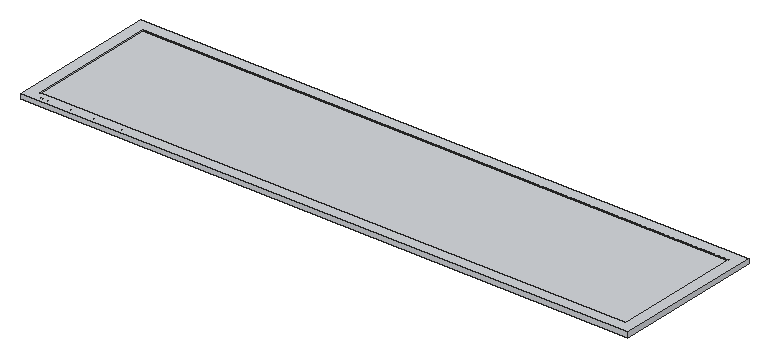
Revit family "1195x295_START Panel Backlit UGR19 - Copy (2)", category Lighting Fixtures, host Face, Revit 2017
Family settings
  Host = Face
  Round Connector Dimension = Use Diameter
  Part Type = Normal
  OmniClass Number = 23.80.70.00
  OmniClass Title = Lighting
  Cut with Voids When Loaded = No
  Light Source = Yes
  Shared = No
  Room Calculation Point = No
Parameters (values of type "0042240")
  Weight = "127.245 kg"
  Wattage Comments = ""
  Wattage = 34 W
  WarrantyStartDate [instance] = "n/a"
  WarrantyGuarantorParts = "n/a"
  WarrantyDurationUnit = "n/a"
  WarrantyDurationParts = "n/a"
  WarrantyDescription = "n/a"
  WIDTH_SYL = 147.5 mm
  built-in parameter 1150110 = 1 (stored number, unit not read)
  Voltage = 0 V
  URL = "http://www.sylvania-lighting.com\\0042240"
  TypeName = "START Panel 1200x300HE 3900Lm 830 LILO"
  Type Image = <None>
  Type Comments = "n/a"
  built-in parameter 1114217 = 1 (stored number, unit not read)
  Tilt Angle = -90.00°
  built-in parameter 1150109 = 1 (stored number, unit not read)
  built-in parameter 1150134 = (empty or 0)
  TOP__WIDTH_SYL = 545 mm
  TOP_WIDTH_SYL = 265 mm
  TOP_DEPTH_SYL = 95 mm
  built-in parameter 1150113 = 1 (stored number, unit not read)
  SerialNumber [instance] = "n/a"
  Photometric Web File = "0042240.ies"
  Material_3_SYL = none
  PowerFactor = 0.9
  PowerConsumption = "34 W"
  NominalLength = 1195 mm
  NominalHeight = 35 mm
  NominalDepth = 295 mm
  Name = "START Panel 1200x300HE 3900Lm 830 LILO"
  ModelReference = Name  # "START Panel 1200x300HE 3900Lm 830 LILO"
  ModelNumber = "0042240"
  Model = Name  # "START Panel 1200x300HE 3900Lm 830 LILO"
  Material = "aluminium,steel housing, other diffuser"
  ManufacturerName = "Feilo Sylvania"
  Manufacturer = "Feilo Sylvania"
  MAINHEIGHT_SYL = 63 mm
  LuminousEfficacy = "115 lm/W"
  built-in parameter 1150105 = 401.9 (stored number, unit not read)
  Lumens = 5050.43 lm
  LuminaireType = ""
  built-in parameter 1150115 = 1 (stored number, unit not read)
  LightOutputRatio = "n/a"
  built-in parameter 1150137 = (empty or 0)
  built-in parameter 1150139 = (empty or 0)
  LampsType = Lamp  # "LED"
  LampNominalLuminous = "3900 lm"
  LampMacAdamStep = "6"
  LampColourTemperature = "3000 K"
  LampColourRenderingIndex = "80"
  built-in parameter 1150112 = 1 (stored number, unit not read)
  built-in parameter 1150114 = 1 (stored number, unit not read)
  Lamp = "LED"
  LUMWIDTH_SYL = 576.5 mm
  LUMDEPTH_SYL = 126.5 mm
  Keynote = "16500"
  InstallationDate [instance] = "n/a"
  InputVoltage = "n/a"
  InputNominalFrequency = "n/a"
  built-in parameter 1150132 = (empty or 0)
  built-in parameter 1150102 = (empty or 0)
  built-in parameter 1150107 = 3000 (stored number, unit not read)
  built-in parameter 1150138 = (empty or 0)
  IngressProtection = "IP40/20"
  ImpactProtectionIndex = "IK03"
  built-in parameter 1150106 = 4.019 (stored number, unit not read)
  IfcExportType = "IfcLightFixtureType"
  IfcExportAs = ""
  HEIGHT_SYL = 33 mm
  HEIGHTBOTT_SYL = 7 mm
  Emit from Circle Diameter = 609.6 mm
  Emit Shape Visible in Rendering = no
  ElectricShockClassification = "Class II"
  built-in parameter 1150104 = 13.8 (stored number, unit not read)
  DocumentationLiterature = "http://www.sylvania-lighting.com/product/en-int/products/0042240"
  DimmingControlOptions = ""
  Material_2_SYL = none
  Dimming Lamp Color Temperature Shift = <None>
  Description = ""
  Default Elevation = 1219.2 mm
  DEPTH_SYL = 597.5 mm
  CreatedOn = "7/6/2020"
  CreatedBy = "@sylvania-lighting.com"
  Cost = 0
  Color Filter = 16777215
  built-in parameter 1114216 [instance] = (empty or 0)
  ClassificationValue = "EF_70_80"
  ClassificationName = "Uniclass2015"
  Material_1_SYL = none
  BarCode [instance] = "n/a"
  built-in parameter 1114218 = 1 (stored number, unit not read)
  BOX_WIDTH_SYL = 40 mm
  built-in parameter 1150133 = 10 (stored number, unit not read)
  AssetType = "Fixed"
  AssetIdentifier [instance] = "n/a"
  Assembly Code = "D5020200"
  Apparent Load = 34 VA
  Material_4_SYL = none
  -LUMDEPTH_SYL = LUMDEPTH_SYL * (-1)  # -126.5 mm
  -BOX_WIDTH_SYL = BOX_WIDTH_SYL * (-1)  # -40 mm
Reference planes
  plane 1 "Center (Front/Back)": y = 0
  plane 2: z = 0
  plane 3 "Center (Left/Right)": x = 0
  plane 4: z = -33
  plane 5: z = -7
  plane 6: z = -63
  plane 7: x = 597.5
  plane 8: x = -597.5
  plane 9: y = 147.5
  plane 10: y = -147.5
  plane 11: x = 576.5
  plane 12: x = -576.5
  plane 13: y = -126.5
  plane 14: y = 126.5
  plane 15: y = -265
  plane 16: y = 265
  plane 17: x = -40
  plane 18: x = 40
  plane 19: x = 0
  plane 20: x = -545
  plane 21: x = 545
  plane 22: y = -95
  plane 23: y = 95
Forms (mm)
  Extrusion 1, solid
    sketch origin (0, 0, 0) x (1, 0, 0) y (0, 1, 0)
      loop
        line (-597.5, 147.5) -> (-597.5, -147.5) -> (597.5, -147.5) -> (597.5, 147.5) -> (-597.5, 147.5)
    from -7 to 2
  Extrusion 2, void
    sketch origin (0, 0, 0) x (1, 0, 0) y (0, 1, 0)
      loop
        line (-576.5, 126.5) -> (-576.5, -126.5) -> (576.5, -126.5) -> (576.5, 126.5) -> (-576.5, 126.5)
    from 0 to 2
  Extrusion 3, solid
    sketch origin (0, 0, 0) x (1, 0, 0) y (0, 0, 1)
      loop
        line (-40, -33) -> (-40, -63) -> (40, -63) -> (40, -33) -> (-40, -33)
    from -40 <- "-BOX_WIDTH_SYL" to 40 <- "BOX_WIDTH_SYL"
  Extrusion 4, solid
    sketch origin (0, 0, 0) x (1, 0, 0) y (0, 0, 1)
      loop
        line (-576.5, -7) -> (-545, -33) -> (545, -33) -> (576.5, -7) -> (-576.5, -7)
    from -126.5 <- "-LUMDEPTH_SYL" to 126.5 <- "LUMDEPTH_SYL"
  Extrusion 5, void
    sketch origin (319, 1524, 1219.2) x (0, 1, 0) y (0, 0, 1)
      loop
        line (-1397.5, -1226.2) -> (-1429, -1252.2) -> (-1397.5, -1252.2) -> (-1397.5, -1226.2)
      loop
        line (-1650.5, -1226.2) -> (-1650.5, -1252.2) -> (-1619, -1252.2) -> (-1650.5, -1226.2)
    from -1000 to 1000
Cuts and joins
  Extrusion 2 cuts Extrusion 1
  Extrusion 5 cuts Extrusion 4
  joined: Extrusion 1, Extrusion 3, Extrusion 4
Dimensions and locks
  "HEIGHT_SYL": host face to plane 4
  "HEIGHTBOTT_SYL": host face to plane 5
  "MAINHEIGHT_SYL": host face to plane 6
  "DEPTH_SYL": plane 8 to plane 3 "Center (Left/Right)" to plane 7
  "WIDTH_SYL": plane 10 to plane 1 "Center (Front/Back)" to plane 9
  "LUMWIDTH_SYL": plane 12 to plane 3 "Center (Left/Right)" to plane 11
  "LUMDEPTH_SYL": plane 13 to plane 1 "Center (Front/Back)" to plane 14
  "TOP_WIDTH_SYL": plane 16 to imposter light to plane 15
  "BOX_WIDTH_SYL": plane 17 to imposter light to plane 18
  "TOP__WIDTH_SYL": plane 20 to imposter light to plane 21
  "TOP_DEPTH_SYL": plane 23 to imposter light to plane 22
  aligned and locked: plane 2 to host face
  aligned and locked: level to host face
  aligned and locked: Extrusion 1 sketch curve to plane 9
  aligned and locked: plane 8 to Extrusion 1 sketch curve
  aligned and locked: Extrusion 1 sketch curve to plane 10
  aligned and locked: Extrusion 1 sketch curve to plane 7
  aligned and locked: plane 14 to Extrusion 2 sketch curve
  aligned and locked: plane 12 to Extrusion 2 sketch curve
  aligned and locked: Extrusion 2 sketch curve to plane 13
  aligned and locked: Extrusion 2 sketch curve to plane 11
  aligned and locked: plane 4 to Extrusion 3 sketch curve
  aligned and locked: Extrusion 3 sketch curve to plane 17
  aligned and locked: Extrusion 3 sketch curve to plane 6
  aligned and locked: plane 18 to Extrusion 3 sketch curve
Automatic sketch dimensions
  host sketch curve to host sketch curve = 2438.4 mm  (x2)
  Extrusion 4 sketch curve to plane 5 = 0 mm
  Extrusion 4 sketch curve to plane 12 = 0 mm
  Extrusion 4 sketch curve to plane 4 = 0 mm
  plane 20 to Extrusion 4 sketch curve = 0 mm
  plane 21 to Extrusion 4 sketch curve = 0 mm
  Extrusion 4 sketch curve to plane 11 = 0 mm
  Extrusion 5 sketch curve to plane 13 = 0 mm
  plane 4 to Extrusion 5 sketch curve = 0 mm  (x2)
  Extrusion 5 sketch curve to plane 22 = 0 mm
  Extrusion 5 sketch curve to plane 23 = 0 mm
  Extrusion 5 sketch curve to plane 14 = 0 mm
  plane 5 to Extrusion 5 sketch curve = 0 mm  (x2)
